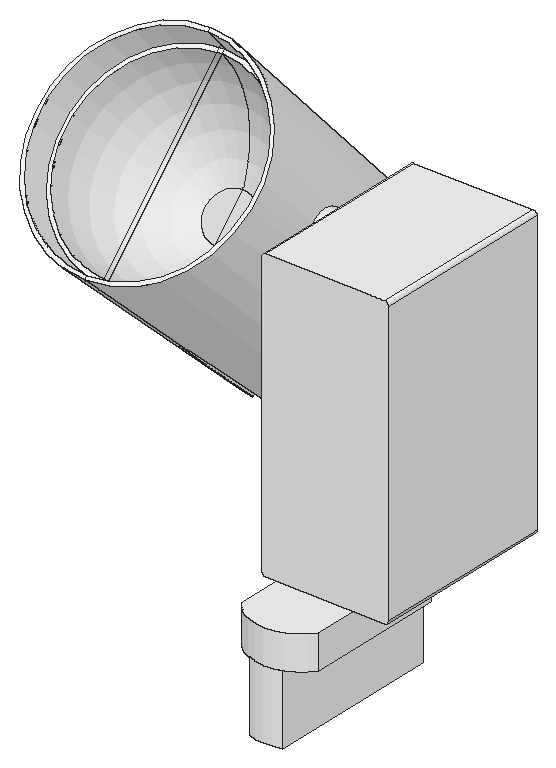
Revit family "0004925 Feilo Sylvania Lighting Fixture START TRACK SPOT S DALI 1944LM 930 MB WHT", category Lighting Fixtures, host Face, Revit 2017 (continued)
Definition of nested family "Start Track Spot Head"
  Types (96, lengths in mm): name | Wattage | built-in parameter 1150134 | Photometric Web File | Model | built-in parameter 1150105 | Lumens | built-in parameter 1150107 | built-in parameter 1150106 | HeadThickness_FEILO | HeadRibOffset_FEILO | HeadRibDepth_FEILO | HeadRibCutWidth_FEILO | HeadRibCutOffset_FEILO | HeadReflectorRadius_FEILO | HeadReflectorOffset_FEILO | HeadLEDRadius_FEILO | HeadHeight_FEILO | HeadDiffusorOffset_FEILO | HeadDiaOut_FEILO | HeadDiaIn_FEILO | HeadAxisFromTop_FEILO | Emit from Circle Diameter | built-in parameter 1150104 | Description | Apparent Load
    0004864 START TRACK SPOT S 24W 3K RA90 WB WHITE | 24 W | (empty or 0) | "0004864.ies" | "START TRACK SPOT S 24W 3K RA90 WB WHITE" | 152.79 (stored number, unit not read) | 1920 lm | 3000 (stored number, unit not read) | 1.5279 (stored number, unit not read) | 1.5 | 4.179 | 55.714 | 7.167 | 50.87 | 50.588 | 55.714 | 9.556 | 117 | 9.435 | 86 | 77.477 | 69.354 | 77.477 | 7.4322 (stored number, unit not read) | "Integrated LED spotlight, Textured White - RAL9016, compact and minimalist design, ideal for retail applications, die-cast aluminium body, passive cooling heatsink. Beam angle: 64°, color temperature: 3000K , total system power: 24W, total fixture output: 1928 lm, LOR: 100%, colour rendering: Ra: 90 typical, LED Chromaticity: 3 step MacAdam ellipse, lifetime: >50000 hours at L70B50, energy class: A++, A+, A, IR/UV free light source without heat radiation, operating voltage: 220-240V / 50-60Hz, drive current: 600mA, electronic driver, non-dimmable, power factor: 0.95, electrical protection: Class II, Global Track 3 Phase adapter suitable for Global trac 3-circuit tracks, ingress protection rating: IP20, suitable for internal environment only, horizontal rotation: 355°, vertical tilt: 90°, dimensions: Ø86x140x200, weight: 0.966kg." | 24 VA
    0004863 START TRACK SPOT S 24W 3K RA90 MB WHITE | 24 W | (empty or 0) | "0004863.ies" | "START TRACK SPOT S 24W 3K RA90 MB WHITE" | 154.7 (stored number, unit not read) | 1944 lm | 3000 (stored number, unit not read) | 1.547 (stored number, unit not read) | 1.5 | 4.179 | 55.714 | 7.167 | 50.87 | 50.588 | 55.714 | 9.556 | 117 | 9.435 | 86 | 77.477 | 69.354 | 77.477 | 7.5251 (stored number, unit not read) | "Integrated LED spotlight, Textured White - RAL9016, compact and minimalist design, ideal for retail applications, die-cast aluminium body, passive cooling heatsink. Beam angle: 36°, color temperature: 3000K , total system power: 24W, total fixture output: 1944 lm, LOR: 100%, colour rendering: Ra: 90 typical, LED Chromaticity: 3 step MacAdam ellipse, lifetime: >50000 hours at L70B50, energy class: A++, A+, A, IR/UV free light source without heat radiation, operating voltage: 220-240V / 50-60Hz, drive current: 600mA, electronic driver, non-dimmable, power factor: 0.95, electrical protection: Class II, Global Track 3 Phase adapter suitable for Global trac 3-circuit tracks, ingress protection rating: IP20, suitable for internal environment only, horizontal rotation: 355°, vertical tilt: 90°, dimensions: Ø86x140x200, weight: 0.966kg." | 24 VA
    0004862 START TRACK SPOT S 24W 3K RA90 NB WHITE | 24 W | (empty or 0) | "0004862.ies" | "START TRACK SPOT S 24W 3K RA90 NB WHITE" | 158.52 (stored number, unit not read) | 1992 lm | 3000 (stored number, unit not read) | 1.5852 (stored number, unit not read) | 1.5 | 4.179 | 55.714 | 7.167 | 50.87 | 50.588 | 55.714 | 9.556 | 117 | 9.435 | 86 | 77.477 | 69.354 | 77.477 | 7.711 (stored number, unit not read) | "Integrated LED spotlight, Textured White - RAL9016, compact and minimalist design, ideal for retail applications, die-cast aluminium body, passive cooling heatsink. Beam angle: 12°, color temperature: 3000K , total system power: 24W, total fixture output: 1987 lm, LOR: 100%, colour rendering: Ra: 90 typical, LED Chromaticity: 3 step MacAdam ellipse, lifetime: >50000 hours at L70B50, energy class: A++, A+, A, IR/UV free light source without heat radiation, operating voltage: 220-240V / 50-60Hz, drive current: 600mA, electronic driver, non-dimmable, power factor: 0.95, electrical protection: Class II, Global Track 3 Phase adapter suitable for Global trac 3-circuit tracks, ingress protection rating: IP20, suitable for internal environment only, horizontal rotation: 355°, vertical tilt: 90°, dimensions: Ø86x140x200, weight: 0.966kg." | 24 VA
    0004861 START TRACK SPOT S 14W 3K RA90 WB WHITE | 14 W | (empty or 0) | "0004861.ies" | "START TRACK SPOT S 14W 3K RA90 WB WHITE" | 100.27 (stored number, unit not read) | 1260 lm | 3000 (stored number, unit not read) | 1.0027 (stored number, unit not read) | 1.5 | 4.179 | 55.714 | 7.167 | 50.87 | 50.588 | 55.714 | 9.556 | 117 | 9.435 | 86 | 77.477 | 69.354 | 77.477 | 8.3613 (stored number, unit not read) | "Integrated LED spotlight, Textured White - RAL9016, compact and minimalist design, ideal for retail applications, die-cast aluminium body, passive cooling heatsink. Beam angle: 64°, color temperature: 3000K , total system power: 14W, total fixture output: 1262 lm, LOR: 100%, colour rendering: Ra: 90 typical, LED Chromaticity: 3 step MacAdam ellipse, lifetime: >50000 hours at L70B50, energy class: A++, A+, A, IR/UV free light source without heat radiation, operating voltage: 220-240V / 50-60Hz, drive current: 350mA, electronic driver, non-dimmable, power factor: 0.92, electrical protection: Class II, Global Track 3 Phase adapter suitable for Global trac 3-circuit tracks, ingress protection rating: IP20, suitable for internal environment only, horizontal rotation: 355°, vertical tilt: 90°, dimensions: Ø86x140x200, weight: 0.940kg." | 14 VA
    0004860 START TRACK SPOT S 14W 3K RA90 MB WHITE | 14 W | (empty or 0) | "0004860.ies" | "START TRACK SPOT S 14W 3K RA90 MB WHITE" | 100.27 (stored number, unit not read) | 1260 lm | 3000 (stored number, unit not read) | 1.0027 (stored number, unit not read) | 1.5 | 4.179 | 55.714 | 7.167 | 50.87 | 50.588 | 55.714 | 9.556 | 117 | 9.435 | 86 | 77.477 | 69.354 | 77.477 | 8.3613 (stored number, unit not read) | "Integrated LED spotlight, Textured White - RAL9016, compact and minimalist design, ideal for retail applications, die-cast aluminium body, passive cooling heatsink. Beam angle: 36°, color temperature: 3000K , total system power: 14W, total fixture output: 1262 lm, LOR: 100%, colour rendering: Ra: 90 typical, LED Chromaticity: 3 step MacAdam ellipse, lifetime: >50000 hours at L70B50, energy class: A++, A+, A, IR/UV free light source without heat radiation, operating voltage: 220-240V / 50-60Hz, drive current: 350mA, electronic driver, non-dimmable, power factor: 0.92, electrical protection: Class II, Global Track 3 Phase adapter suitable for Global trac 3-circuit tracks, ingress protection rating: IP20, suitable for internal environment only, horizontal rotation: 355°, vertical tilt: 90°, dimensions: Ø86x140x200, weight: 0.940kg." | 14 VA
    0004859 START TRACK SPOT S 14W 3K RA90 NB WHITE | 14 W | (empty or 0) | "0004859.ies" | "START TRACK SPOT S 14W 3K RA90 NB WHITE" | 102.5 (stored number, unit not read) | 1288 lm | 3000 (stored number, unit not read) | 1.025 (stored number, unit not read) | 1.5 | 4.179 | 55.714 | 7.167 | 50.87 | 50.588 | 55.714 | 9.556 | 117 | 9.435 | 86 | 77.477 | 69.354 | 77.477 | 8.5471 (stored number, unit not read) | "Integrated LED spotlight, Textured White - RAL9016, compact and minimalist design, ideal for retail applications, die-cast aluminium body, passive cooling heatsink. Beam angle: 12°, color temperature: 3000K , total system power: 14W, total fixture output: 1284 lm, LOR: 100%, colour rendering: Ra: 90 typical, LED Chromaticity: 3 step MacAdam ellipse, lifetime: >50000 hours at L70B50, energy class: A++, A+, A, IR/UV free light source without heat radiation, operating voltage: 220-240V / 50-60Hz, drive current: 350mA, electronic driver, non-dimmable, power factor: 0.92, electrical protection: Class II, Global Track 3 Phase adapter suitable for Global trac 3-circuit tracks, ingress protection rating: IP20, suitable for internal environment only, horizontal rotation: 355°, vertical tilt: 90°, dimensions: Ø86x140x200, weight: 0.940kg." | 14 VA
    0004858 START TRACK SPOT L 55W 4K RA80 WB BLACK | 55 W | 12 | "0004858.ies" | "START TRACK SPOT L 55W 4K RA80 WB BLACK" | 424.55 (stored number, unit not read) | 5335 lm | 4000 (stored number, unit not read) | 4.2455 (stored number, unit not read) | 2 | 4.429 | 59.048 | 9.417 | 53.913 | 66.471 | 59.048 | 12.556 | 124 | 10 | 113 | 101.802 | 73.503 | 101.802 | 9.0116 (stored number, unit not read) | "Integrated LED spotlight, Textured Black - RAL9005, compact and minimalist design, ideal for retail applications, die-cast aluminium body, passive cooling heatsink. Beam angle: 52°, color temperature: 4000K , total system power: 55W, total fixture output: 5320 lm, LOR: 100%, colour rendering: Ra: 80 typical, LED Chromaticity: 3 step MacAdam ellipse, lifetime: >50000 hours at L70B50, energy class: A++, A+, A, IR/UV free light source without heat radiation, operating voltage: 220-240V / 50-60Hz, drive current: 1400mA, electronic driver, non-dimmable, power factor: 0.96, electrical protection: Class II, Global Track 3 Phase adapter suitable for Global trac 3-circuit tracks, ingress protection rating: IP20, suitable for internal environment only, horizontal rotation: 355°, vertical tilt: 90°, dimensions: Ø113x164x240, weight: 1.398kg." | 55 VA
    0004857 START TRACK SPOT L 55W 4K RA80 MB BLACK | 55 W | 12 | "0004857.ies" | "START TRACK SPOT L 55W 4K RA80 MB BLACK" | 428.92 (stored number, unit not read) | 5390 lm | 4000 (stored number, unit not read) | 4.2892 (stored number, unit not read) | 2 | 4.429 | 59.048 | 9.417 | 53.913 | 66.471 | 59.048 | 12.556 | 124 | 10 | 113 | 101.802 | 73.503 | 101.802 | 9.1045 (stored number, unit not read) | "Integrated LED spotlight, Textured Black - RAL9005, compact and minimalist design, ideal for retail applications, die-cast aluminium body, passive cooling heatsink. Beam angle: 38°, color temperature: 4000K , total system power: 55W, total fixture output: 5378 lm, LOR: 100%, colour rendering: Ra: 80 typical, LED Chromaticity: 3 step MacAdam ellipse, lifetime: >50000 hours at L70B50, energy class: A++, A+, A, IR/UV free light source without heat radiation, operating voltage: 220-240V / 50-60Hz, drive current: 1400mA, electronic driver, non-dimmable, power factor: 0.96, electrical protection: Class II, Global Track 3 Phase adapter suitable for Global trac 3-circuit tracks, ingress protection rating: IP20, suitable for internal environment only, horizontal rotation: 355°, vertical tilt: 90°, dimensions: Ø113x164x240, weight: 1.398kg." | 55 VA
    0004856 START TRACK SPOT L 55W 4K RA80 NB BLACK | 55 W | 12 | "0004856.ies" | "START TRACK SPOT L 55W 4K RA80 NB BLACK" | 433.3 (stored number, unit not read) | 5445 lm | 4000 (stored number, unit not read) | 4.333 (stored number, unit not read) | 2 | 4.429 | 59.048 | 9.417 | 53.913 | 66.471 | 59.048 | 12.556 | 124 | 10 | 113 | 101.802 | 73.503 | 101.802 | 9.1974 (stored number, unit not read) | "Integrated LED spotlight, Textured Black - RAL9005, compact and minimalist design, ideal for retail applications, die-cast aluminium body, passive cooling heatsink. Beam angle: 15°, color temperature: 4000K , total system power: 55W, total fixture output: 5426 lm, LOR: 100%, colour rendering: Ra: 80 typical, LED Chromaticity: 3 step MacAdam ellipse, lifetime: >50000 hours at L70B50, energy class: A++, A+, A, IR/UV free light source without heat radiation, operating voltage: 220-240V / 50-60Hz, drive current: 1400mA, electronic driver, non-dimmable, power factor: 0.96, electrical protection: Class II, Global Track 3 Phase adapter suitable for Global trac 3-circuit tracks, ingress protection rating: IP20, suitable for internal environment only, horizontal rotation: 355°, vertical tilt: 90°, dimensions: Ø113x164x240, weight: 1.398kg." | 55 VA
    0004855 START TRACK SPOT L 35W 4K RA80 WB BLACK | 35 W | 12 | "0004855.ies" | "START TRACK SPOT L 35W 4K RA80 WB BLACK" | 320.3 (stored number, unit not read) | 4025 lm | 4000 (stored number, unit not read) | 3.203 (stored number, unit not read) | 2 | 4.429 | 59.048 | 9.417 | 53.913 | 66.471 | 59.048 | 12.556 | 124 | 10 | 113 | 101.802 | 73.503 | 101.802 | 10.684 (stored number, unit not read) | "Integrated LED spotlight, Textured Black - RAL9005, compact and minimalist design, ideal for retail applications, die-cast aluminium body, passive cooling heatsink. Beam angle: 52°, color temperature: 4000K , total system power: 35W, total fixture output: 4010 lm, LOR: 100%, colour rendering: Ra: 80 typical, LED Chromaticity: 3 step MacAdam ellipse, lifetime: >50000 hours at L70B50, energy class: A++, A+, A, IR/UV free light source without heat radiation, operating voltage: 220-240V / 50-60Hz, drive current: 900mA, electronic driver, non-dimmable, power factor: 0.93, electrical protection: Class II, Global Track 3 Phase adapter suitable for Global trac 3-circuit tracks, ingress protection rating: IP20, suitable for internal environment only, horizontal rotation: 355°, vertical tilt: 90°, dimensions: Ø113x164x240, weight: 1.368kg." | 35 VA
    0004854 START TRACK SPOT L 35W 4K RA80 MB BLACK | 35 W | 12 | "0004854.ies" | "START TRACK SPOT L 35W 4K RA80 MB BLACK" | 320.3 (stored number, unit not read) | 4025 lm | 4000 (stored number, unit not read) | 3.203 (stored number, unit not read) | 2 | 4.429 | 59.048 | 9.417 | 53.913 | 66.471 | 59.048 | 12.556 | 124 | 10 | 113 | 101.802 | 73.503 | 101.802 | 10.684 (stored number, unit not read) | "Integrated LED spotlight, Textured Black - RAL9005, compact and minimalist design, ideal for retail applications, die-cast aluminium body, passive cooling heatsink. Beam angle: 38°, color temperature: 4000K , total system power: 35W, total fixture output: 4017 lm, LOR: 100%, colour rendering: Ra: 80 typical, LED Chromaticity: 3 step MacAdam ellipse, lifetime: >50000 hours at L70B50, energy class: A++, A+, A, IR/UV free light source without heat radiation, operating voltage: 220-240V / 50-60Hz, drive current: 900mA, electronic driver, non-dimmable, power factor: 0.93, electrical protection: Class II, Global Track 3 Phase adapter suitable for Global trac 3-circuit tracks, ingress protection rating: IP20, suitable for internal environment only, horizontal rotation: 355°, vertical tilt: 90°, dimensions: Ø113x164x240, weight: 1.368kg." | 35 VA
    0004853 START TRACK SPOT L 35W 4K RA80 NB BLACK | 35 W | 12 | "0004853.ies" | "START TRACK SPOT L 35W 4K RA80 NB BLACK" | 331.44 (stored number, unit not read) | 4165 lm | 4000 (stored number, unit not read) | 3.3144 (stored number, unit not read) | 2 | 4.429 | 59.048 | 9.417 | 53.913 | 66.471 | 59.048 | 12.556 | 124 | 10 | 113 | 101.802 | 73.503 | 101.802 | 11.055 (stored number, unit not read) | "Integrated LED spotlight, Textured Black - RAL9005, compact and minimalist design, ideal for retail applications, die-cast aluminium body, passive cooling heatsink. Beam angle: 15°, color temperature: 4000K , total system power: 35W, total fixture output: 4174 lm, LOR: 100%, colour rendering: Ra: 80 typical, LED Chromaticity: 3 step MacAdam ellipse, lifetime: >50000 hours at L70B50, energy class: A++, A+, A, IR/UV free light source without heat radiation, operating voltage: 220-240V / 50-60Hz, drive current: 900mA, electronic driver, non-dimmable, power factor: 0.93, electrical protection: Class II, Global Track 3 Phase adapter suitable for Global trac 3-circuit tracks, ingress protection rating: IP20, suitable for internal environment only, horizontal rotation: 355°, vertical tilt: 90°, dimensions: Ø113x164x240, weight: 1.368kg." | 35 VA
    0004852 START TRACK SPOT S 24W 4K RA80 WB BLACK | 24 W | 12 | "0004852.ies" | "START TRACK SPOT S 24W 4K RA80 WB BLACK" | 196.72 (stored number, unit not read) | 2472 lm | 4000 (stored number, unit not read) | 1.9672 (stored number, unit not read) | 1.5 | 4.179 | 55.714 | 7.167 | 50.87 | 50.588 | 55.714 | 9.556 | 117 | 9.435 | 86 | 77.477 | 69.354 | 77.477 | 9.569 (stored number, unit not read) | "Integrated LED spotlight, Textured Black - RAL9005, compact and minimalist design, ideal for retail applications, die-cast aluminium body, passive cooling heatsink. Beam angle: 64°, color temperature: 4000K , total system power: 24W, total fixture output: 2476 lm, LOR: 100%, colour rendering: Ra: 80 typical, LED Chromaticity: 3 step MacAdam ellipse, lifetime: >50000 hours at L70B50, energy class: A++, A+, A, IR/UV free light source without heat radiation, operating voltage: 220-240V / 50-60Hz, drive current: 600mA, electronic driver, non-dimmable, power factor: 0.95, electrical protection: Class II, Global Track 3 Phase adapter suitable for Global trac 3-circuit tracks, ingress protection rating: IP20, suitable for internal environment only, horizontal rotation: 355°, vertical tilt: 90°, dimensions: Ø86x140x200, weight: 0.966kg." | 24 VA
    0004851 START TRACK SPOT S 24W 4K RA80 MB BLACK | 24 W | 12 | "0004851.ies" | "START TRACK SPOT S 24W 4K RA80 MB BLACK" | 198.63 (stored number, unit not read) | 2496 lm | 4000 (stored number, unit not read) | 1.9863 (stored number, unit not read) | 1.5 | 4.179 | 55.714 | 7.167 | 50.87 | 50.588 | 55.714 | 9.556 | 117 | 9.435 | 86 | 77.477 | 69.354 | 77.477 | 9.6619 (stored number, unit not read) | "Integrated LED spotlight, Textured Black - RAL9005, compact and minimalist design, ideal for retail applications, die-cast aluminium body, passive cooling heatsink. Beam angle: 36°, color temperature: 4000K , total system power: 24W, total fixture output: 2487 lm, LOR: 100%, colour rendering: Ra: 80 typical, LED Chromaticity: 3 step MacAdam ellipse, lifetime: >50000 hours at L70B50, energy class: A++, A+, A, IR/UV free light source without heat radiation, operating voltage: 220-240V / 50-60Hz, drive current: 600mA, electronic driver, non-dimmable, power factor: 0.95, electrical protection: Class II, Global Track 3 Phase adapter suitable for Global trac 3-circuit tracks, ingress protection rating: IP20, suitable for internal environment only, horizontal rotation: 355°, vertical tilt: 90°, dimensions: Ø86x140x200, weight: 0.966kg." | 24 VA
    0004850 START TRACK SPOT S 24W 4K RA80 NB BLACK | 24 W | 12 | "0004850.ies" | "START TRACK SPOT S 24W 4K RA80 NB BLACK" | 200.54 (stored number, unit not read) | 2520 lm | 4000 (stored number, unit not read) | 2.0054 (stored number, unit not read) | 1.5 | 4.179 | 55.714 | 7.167 | 50.87 | 50.588 | 55.714 | 9.556 | 117 | 9.435 | 86 | 77.477 | 69.354 | 77.477 | 9.7548 (stored number, unit not read) | "Integrated LED spotlight, Textured Black - RAL9005, compact and minimalist design, ideal for retail applications, die-cast aluminium body, passive cooling heatsink. Beam angle: 12°, color temperature: 4000K , total system power: 24W, total fixture output: 2529 lm, LOR: 100%, colour rendering: Ra: 80 typical, LED Chromaticity: 3 step MacAdam ellipse, lifetime: >50000 hours at L70B50, energy class: A++, A+, A, IR/UV free light source without heat radiation, operating voltage: 220-240V / 50-60Hz, drive current: 600mA, electronic driver, non-dimmable, power factor: 0.95, electrical protection: Class II, Global Track 3 Phase adapter suitable for Global trac 3-circuit tracks, ingress protection rating: IP20, suitable for internal environment only, horizontal rotation: 355°, vertical tilt: 90°, dimensions: Ø86x140x200, weight: 0.966kg." | 24 VA
    0004849 START TRACK SPOT S 14W 4K RA80 WB BLACK | 14 W | 12 | "0004849.ies" | "START TRACK SPOT S 14W 4K RA80 WB BLACK" | 123.66 (stored number, unit not read) | 1554 lm | 4000 (stored number, unit not read) | 1.2366 (stored number, unit not read) | 1.5 | 4.179 | 55.714 | 7.167 | 50.87 | 50.588 | 55.714 | 9.556 | 117 | 9.435 | 86 | 77.477 | 69.354 | 77.477 | 10.312 (stored number, unit not read) | "Integrated LED spotlight, Textured Black - RAL9005, compact and minimalist design, ideal for retail applications, die-cast aluminium body, passive cooling heatsink. Beam angle: 64°, color temperature: 4000K , total system power: 14W, total fixture output: 1558 lm, LOR: 100%, colour rendering: Ra: 80 typical, LED Chromaticity: 3 step MacAdam ellipse, lifetime: >50000 hours at L70B50, energy class: A++, A+, A, IR/UV free light source without heat radiation, operating voltage: 220-240V / 50-60Hz, drive current: 350mA, electronic driver, non-dimmable, power factor: 0.92, electrical protection: Class II, Global Track 3 Phase adapter suitable for Global trac 3-circuit tracks, ingress protection rating: IP20, suitable for internal environment only, horizontal rotation: 355°, vertical tilt: 90°, dimensions: Ø86x140x200, weight: 0.940kg." | 14 VA
    0004848 START TRACK SPOT S 14W 4K RA80 MB BLACK | 14 W | 12 | "0004848.ies" | "START TRACK SPOT S 14W 4K RA80 MB BLACK" | 127.01 (stored number, unit not read) | 1596 lm | 4000 (stored number, unit not read) | 1.2701 (stored number, unit not read) | 1.5 | 4.179 | 55.714 | 7.167 | 50.87 | 50.588 | 55.714 | 9.556 | 117 | 9.435 | 86 | 77.477 | 69.354 | 77.477 | 10.591 (stored number, unit not read) | "Integrated LED spotlight, Textured Black - RAL9005, compact and minimalist design, ideal for retail applications, die-cast aluminium body, passive cooling heatsink. Beam angle: 36°, color temperature: 4000K , total system power: 14W, total fixture output: 1598 lm, LOR: 100%, colour rendering: Ra: 80 typical, LED Chromaticity: 3 step MacAdam ellipse, lifetime: >50000 hours at L70B50, energy class: A++, A+, A, IR/UV free light source without heat radiation, operating voltage: 220-240V / 50-60Hz, drive current: 350mA, electronic driver, non-dimmable, power factor: 0.92, electrical protection: Class II, Global Track 3 Phase adapter suitable for Global trac 3-circuit tracks, ingress protection rating: IP20, suitable for internal environment only, horizontal rotation: 355°, vertical tilt: 90°, dimensions: Ø86x140x200, weight: 0.940kg." | 14 VA
    0004847 START TRACK SPOT S 14W 4K RA80 NB BLACK | 14 W | 12 | "0004847.ies" | "START TRACK SPOT S 14W 4K RA80 NB BLACK" | 128.12 (stored number, unit not read) | 1610 lm | 4000 (stored number, unit not read) | 1.2812 (stored number, unit not read) | 1.5 | 4.179 | 55.714 | 7.167 | 50.87 | 50.588 | 55.714 | 9.556 | 117 | 9.435 | 86 | 77.477 | 69.354 | 77.477 | 10.684 (stored number, unit not read) | "Integrated LED spotlight, Textured Black - RAL9005, compact and minimalist design, ideal for retail applications, die-cast aluminium body, passive cooling heatsink. Beam angle: 12°, color temperature: 4000K , total system power: 14W, total fixture output: 1608 lm, LOR: 100%, colour rendering: Ra: 80 typical, LED Chromaticity: 3 step MacAdam ellipse, lifetime: >50000 hours at L70B50, energy class: A++, A+, A, IR/UV free light source without heat radiation, operating voltage: 220-240V / 50-60Hz, drive current: 350mA, electronic driver, non-dimmable, power factor: 0.92, electrical protection: Class II, Global Track 3 Phase adapter suitable for Global trac 3-circuit tracks, ingress protection rating: IP20, suitable for internal environment only, horizontal rotation: 355°, vertical tilt: 90°, dimensions: Ø86x140x200, weight: 0.940kg." | 14 VA
    0004846 START TRACK SPOT L 55W 3K RA80 WB BLACK | 55 W | (empty or 0) | "0004846.ies" | "START TRACK SPOT L 55W 3K RA80 WB BLACK" | 420.17 (stored number, unit not read) | 5280 lm | 3000 (stored number, unit not read) | 4.2017 (stored number, unit not read) | 2 | 4.429 | 59.048 | 9.417 | 53.913 | 66.471 | 59.048 | 12.556 | 124 | 10 | 113 | 101.802 | 73.503 | 101.802 | 8.9187 (stored number, unit not read) | "Integrated LED spotlight, Textured Black - RAL9005, compact and minimalist design, ideal for retail applications, die-cast aluminium body, passive cooling heatsink. Beam angle: 52°, color temperature: 3000K , total system power: 55W, total fixture output: 5298 lm, LOR: 100%, colour rendering: Ra: 80 typical, LED Chromaticity: 3 step MacAdam ellipse, lifetime: >50000 hours at L70B50, energy class: A++, A+, A, IR/UV free light source without heat radiation, operating voltage: 220-240V / 50-60Hz, drive current: 1400mA, electronic driver, non-dimmable, power factor: 0.96, electrical protection: Class II, Global Track 3 Phase adapter suitable for Global trac 3-circuit tracks, ingress protection rating: IP20, suitable for internal environment only, horizontal rotation: 355°, vertical tilt: 90°, dimensions: Ø113x164x240, weight: 1.398kg." | 55 VA
    0004845 START TRACK SPOT L 55W 3K RA80 MB BLACK | 55 W | (empty or 0) | "0004845.ies" | "START TRACK SPOT L 55W 3K RA80 MB BLACK" | 428.92 (stored number, unit not read) | 5390 lm | 3000 (stored number, unit not read) | 4.2892 (stored number, unit not read) | 2 | 4.429 | 59.048 | 9.417 | 53.913 | 66.471 | 59.048 | 12.556 | 124 | 10 | 113 | 101.802 | 73.503 | 101.802 | 9.1045 (stored number, unit not read) | "Integrated LED spotlight, Textured Black - RAL9005, compact and minimalist design, ideal for retail applications, die-cast aluminium body, passive cooling heatsink. Beam angle: 38°, color temperature: 3000K , total system power: 55W, total fixture output: 5381 lm, LOR: 100%, colour rendering: Ra: 80 typical, LED Chromaticity: 3 step MacAdam ellipse, lifetime: >50000 hours at L70B50, energy class: A++, A+, A, IR/UV free light source without heat radiation, operating voltage: 220-240V / 50-60Hz, drive current: 1400mA, electronic driver, non-dimmable, power factor: 0.96, electrical protection: Class II, Global Track 3 Phase adapter suitable for Global trac 3-circuit tracks, ingress protection rating: IP20, suitable for internal environment only, horizontal rotation: 355°, vertical tilt: 90°, dimensions: Ø113x164x240, weight: 1.398kg." | 55 VA
    0004844 START TRACK SPOT L 55W 3K RA80 NB BLACK | 55 W | (empty or 0) | "0004844.ies" | "START TRACK SPOT L 55W 3K RA80 NB BLACK" | 433.3 (stored number, unit not read) | 5445 lm | 3000 (stored number, unit not read) | 4.333 (stored number, unit not read) | 2 | 4.429 | 59.048 | 9.417 | 53.913 | 66.471 | 59.048 | 12.556 | 124 | 10 | 113 | 101.802 | 73.503 | 101.802 | 9.1974 (stored number, unit not read) | "Integrated LED spotlight, Textured Black - RAL9005, compact and minimalist design, ideal for retail applications, die-cast aluminium body, passive cooling heatsink. Beam angle: 15°, color temperature: 3000K , total system power: 55W, total fixture output: 5449 lm, LOR: 100%, colour rendering: Ra: 80 typical, LED Chromaticity: 3 step MacAdam ellipse, lifetime: >50000 hours at L70B50, energy class: A++, A+, A, IR/UV free light source without heat radiation, operating voltage: 220-240V / 50-60Hz, drive current: 1400mA, electronic driver, non-dimmable, power factor: 0.96, electrical protection: Class II, Global Track 3 Phase adapter suitable for Global trac 3-circuit tracks, ingress protection rating: IP20, suitable for internal environment only, horizontal rotation: 355°, vertical tilt: 90°, dimensions: Ø113x164x240, weight: 1.398kg." | 55 VA
    0004843 START TRACK SPOT L 35W 3K RA80 WB BLACK | 35 W | (empty or 0) | "0004843.ies" | "START TRACK SPOT L 35W 3K RA80 WB BLACK" | 314.73 (stored number, unit not read) | 3955 lm | 3000 (stored number, unit not read) | 3.1473 (stored number, unit not read) | 2 | 4.429 | 59.048 | 9.417 | 53.913 | 66.471 | 59.048 | 12.556 | 124 | 10 | 113 | 101.802 | 73.503 | 101.802 | 10.498 (stored number, unit not read) | "Integrated LED spotlight, Textured Black - RAL9005, compact and minimalist design, ideal for retail applications, die-cast aluminium body, passive cooling heatsink. Beam angle: 52°, color temperature: 3000K , total system power: 35W, total fixture output: 3943 lm, LOR: 100%, colour rendering: Ra: 80 typical, LED Chromaticity: 3 step MacAdam ellipse, lifetime: >50000 hours at L70B50, energy class: A++, A+, A, IR/UV free light source without heat radiation, operating voltage: 220-240V / 50-60Hz, drive current: 900mA, electronic driver, non-dimmable, power factor: 0.93, electrical protection: Class II, Global Track 3 Phase adapter suitable for Global trac 3-circuit tracks, ingress protection rating: IP20, suitable for internal environment only, horizontal rotation: 355°, vertical tilt: 90°, dimensions: Ø113x164x240, weight: 1.368kg." | 35 VA
    0004842 START TRACK SPOT L 35W 3K RA80 MB BLACK | 35 W | (empty or 0) | "0004842.ies" | "START TRACK SPOT L 35W 3K RA80 MB BLACK" | 320.3 (stored number, unit not read) | 4025 lm | 3000 (stored number, unit not read) | 3.203 (stored number, unit not read) | 2 | 4.429 | 59.048 | 9.417 | 53.913 | 66.471 | 59.048 | 12.556 | 124 | 10 | 113 | 101.802 | 73.503 | 101.802 | 10.684 (stored number, unit not read) | "Integrated LED spotlight, Textured Black - RAL9005, compact and minimalist design, ideal for retail applications, die-cast aluminium body, passive cooling heatsink. Beam angle: 38°, color temperature: 3000K , total system power: 35W, total fixture output: 4008 lm, LOR: 100%, colour rendering: Ra: 80 typical, LED Chromaticity: 3 step MacAdam ellipse, lifetime: >50000 hours at L70B50, energy class: A++, A+, A, IR/UV free light source without heat radiation, operating voltage: 220-240V / 50-60Hz, drive current: 900mA, electronic driver, non-dimmable, power factor: 0.93, electrical protection: Class II, Global Track 3 Phase adapter suitable for Global trac 3-circuit tracks, ingress protection rating: IP20, suitable for internal environment only, horizontal rotation: 355°, vertical tilt: 90°, dimensions: Ø113x164x240, weight: 1.368kg." | 35 VA
    0004841 START TRACK SPOT L 35W 3K RA80 NB BLACK | 35 W | (empty or 0) | "0004841.ies" | "START TRACK SPOT L 35W 3K RA80 NB BLACK" | 317.51 (stored number, unit not read) | 3990 lm | 3000 (stored number, unit not read) | 3.1751 (stored number, unit not read) | 2 | 4.429 | 59.048 | 9.417 | 53.913 | 66.471 | 59.048 | 12.556 | 124 | 10 | 113 | 101.802 | 73.503 | 101.802 | 10.591 (stored number, unit not read) | "Integrated LED spotlight, Textured Black - RAL9005, compact and minimalist design, ideal for retail applications, die-cast aluminium body, passive cooling heatsink. Beam angle: 15°, color temperature: 3000K , total system power: 35W, total fixture output: 4005 lm, LOR: 100%, colour rendering: Ra: 80 typical, LED Chromaticity: 3 step MacAdam ellipse, lifetime: >50000 hours at L70B50, energy class: A++, A+, A, IR/UV free light source without heat radiation, operating voltage: 220-240V / 50-60Hz, drive current: 900mA, electronic driver, non-dimmable, power factor: 0.93, electrical protection: Class II, Global Track 3 Phase adapter suitable for Global trac 3-circuit tracks, ingress protection rating: IP20, suitable for internal environment only, horizontal rotation: 355°, vertical tilt: 90°, dimensions: Ø113x164x240, weight: 1.368kg." | 35 VA
    0004840 START TRACK SPOT S 24W 3K RA80 WB BLACK | 24 W | (empty or 0) | "0004840.ies" | "START TRACK SPOT S 24W 3K RA80 WB BLACK" | 185.26 (stored number, unit not read) | 2328 lm | 3000 (stored number, unit not read) | 1.8526 (stored number, unit not read) | 1.5 | 4.179 | 55.714 | 7.167 | 50.87 | 50.588 | 55.714 | 9.556 | 117 | 9.435 | 86 | 77.477 | 69.354 | 77.477 | 9.0116 (stored number, unit not read) | "Integrated LED spotlight, Textured Black - RAL9005, compact and minimalist design, ideal for retail applications, die-cast aluminium body, passive cooling heatsink. Beam angle: 64°, color temperature: 3000K , total system power: 24W, total fixture output: 2318 lm, LOR: 100%, colour rendering: Ra: 80 typical, LED Chromaticity: 3 step MacAdam ellipse, lifetime: >50000 hours at L70B50, energy class: A++, A+, A, IR/UV free light source without heat radiation, operating voltage: 220-240V / 50-60Hz, drive current: 600mA, electronic driver, non-dimmable, power factor: 0.95, electrical protection: Class II, Global Track 3 Phase adapter suitable for Global trac 3-circuit tracks, ingress protection rating: IP20, suitable for internal environment only, horizontal rotation: 355°, vertical tilt: 90°, dimensions: Ø86x140x200, weight: 0.966kg." | 24 VA
    0004839 START TRACK SPOT S 24W 3K RA80 MB BLACK | 24 W | (empty or 0) | "0004839.ies" | "START TRACK SPOT S 24W 3K RA80 MB BLACK" | 183.35 (stored number, unit not read) | 2304 lm | 3000 (stored number, unit not read) | 1.8335 (stored number, unit not read) | 1.5 | 4.179 | 55.714 | 7.167 | 50.87 | 50.588 | 55.714 | 9.556 | 117 | 9.435 | 86 | 77.477 | 69.354 | 77.477 | 8.9187 (stored number, unit not read) | "Integrated LED spotlight, Textured Black - RAL9005, compact and minimalist design, ideal for retail applications, die-cast aluminium body, passive cooling heatsink. Beam angle: 36°, color temperature: 3000K , total system power: 24W, total fixture output: 2314 lm, LOR: 100%, colour rendering: Ra: 80 typical, LED Chromaticity: 3 step MacAdam ellipse, lifetime: >50000 hours at L70B50, energy class: A++, A+, A, IR/UV free light source without heat radiation, operating voltage: 220-240V / 50-60Hz, drive current: 600mA, electronic driver, non-dimmable, power factor: 0.95, electrical protection: Class II, Global Track 3 Phase adapter suitable for Global trac 3-circuit tracks, ingress protection rating: IP20, suitable for internal environment only, horizontal rotation: 355°, vertical tilt: 90°, dimensions: Ø86x140x200, weight: 0.966kg." | 24 VA
    0004838 START TRACK SPOT S 24W 3K RA80 NB BLACK | 24 W | (empty or 0) | "0004838.ies" | "START TRACK SPOT S 24W 3K RA80 NB BLACK" | 185.26 (stored number, unit not read) | 2328 lm | 3000 (stored number, unit not read) | 1.8526 (stored number, unit not read) | 1.5 | 4.179 | 55.714 | 7.167 | 50.87 | 50.588 | 55.714 | 9.556 | 117 | 9.435 | 86 | 77.477 | 69.354 | 77.477 | 9.0116 (stored number, unit not read) | "Integrated LED spotlight, Textured Black - RAL9005, compact and minimalist design, ideal for retail applications, die-cast aluminium body, passive cooling heatsink. Beam angle: 12°, color temperature: 3000K , total system power: 24W, total fixture output: 2334 lm, LOR: 100%, colour rendering: Ra: 80 typical, LED Chromaticity: 3 step MacAdam ellipse, lifetime: >50000 hours at L70B50, energy class: A++, A+, A, IR/UV free light source without heat radiation, operating voltage: 220-240V / 50-60Hz, drive current: 600mA, electronic driver, non-dimmable, power factor: 0.95, electrical protection: Class II, Global Track 3 Phase adapter suitable for Global trac 3-circuit tracks, ingress protection rating: IP20, suitable for internal environment only, horizontal rotation: 355°, vertical tilt: 90°, dimensions: Ø86x140x200, weight: 0.966kg." | 24 VA
    0004837 START TRACK SPOT S 14W 3K RA80 WB BLACK | 14 W | (empty or 0) | "0004837.ies" | "START TRACK SPOT S 14W 3K RA80 WB BLACK" | 119.21 (stored number, unit not read) | 1498 lm | 3000 (stored number, unit not read) | 1.1921 (stored number, unit not read) | 1.5 | 4.179 | 55.714 | 7.167 | 50.87 | 50.588 | 55.714 | 9.556 | 117 | 9.435 | 86 | 77.477 | 69.354 | 77.477 | 9.9406 (stored number, unit not read) | "Integrated LED spotlight, Textured Black - RAL9005, compact and minimalist design, ideal for retail applications, die-cast aluminium body, passive cooling heatsink. Beam angle: 64°, color temperature: 3000K , total system power: 14W, total fixture output: 1498 lm, LOR: 100%, colour rendering: Ra: 80 typical, LED Chromaticity: 3 step MacAdam ellipse, lifetime: >50000 hours at L70B50, energy class: A++, A+, A, IR/UV free light source without heat radiation, operating voltage: 220-240V / 50-60Hz, drive current: 350mA, electronic driver, non-dimmable, power factor: 0.92, electrical protection: Class II, Global Track 3 Phase adapter suitable for Global trac 3-circuit tracks, ingress protection rating: IP20, suitable for internal environment only, horizontal rotation: 355°, vertical tilt: 90°, dimensions: Ø86x140x200, weight: 0.940kg." | 14 VA
    0004836 START TRACK SPOT S 14W 3K RA80 MB BLACK | 14 W | (empty or 0) | "0004836.ies" | "START TRACK SPOT S 14W 3K RA80 MB BLACK" | 120.32 (stored number, unit not read) | 1512 lm | 3000 (stored number, unit not read) | 1.2032 (stored number, unit not read) | 1.5 | 4.179 | 55.714 | 7.167 | 50.87 | 50.588 | 55.714 | 9.556 | 117 | 9.435 | 86 | 77.477 | 69.354 | 77.477 | 10.034 (stored number, unit not read) | "Integrated LED spotlight, Textured Black - RAL9005, compact and minimalist design, ideal for retail applications, die-cast aluminium body, passive cooling heatsink. Beam angle: 36°, color temperature: 3000K , total system power: 14W, total fixture output: 1508 lm, LOR: 100%, colour rendering: Ra: 80 typical, LED Chromaticity: 3 step MacAdam ellipse, lifetime: >50000 hours at L70B50, energy class: A++, A+, A, IR/UV free light source without heat radiation, operating voltage: 220-240V / 50-60Hz, drive current: 350mA, electronic driver, non-dimmable, power factor: 0.92, electrical protection: Class II, Global Track 3 Phase adapter suitable for Global trac 3-circuit tracks, ingress protection rating: IP20, suitable for internal environment only, horizontal rotation: 355°, vertical tilt: 90°, dimensions: Ø86x140x200, weight: 0.940kg." | 14 VA
    0004835 START TRACK SPOT S 14W 3K RA80 NB BLACK | 14 W | (empty or 0) | "0004835.ies" | "START TRACK SPOT S 14W 3K RA80 NB BLACK" | 123.66 (stored number, unit not read) | 1554 lm | 3000 (stored number, unit not read) | 1.2366 (stored number, unit not read) | 1.5 | 4.179 | 55.714 | 7.167 | 50.87 | 50.588 | 55.714 | 9.556 | 117 | 9.435 | 86 | 77.477 | 69.354 | 77.477 | 10.312 (stored number, unit not read) | "Integrated LED spotlight, Textured Black - RAL9005, compact and minimalist design, ideal for retail applications, die-cast aluminium body, passive cooling heatsink. Beam angle: 12°, color temperature: 3000K , total system power: 14W, total fixture output: 1551 lm, LOR: 100%, colour rendering: Ra: 80 typical, LED Chromaticity: 3 step MacAdam ellipse, lifetime: >50000 hours at L70B50, energy class: A++, A+, A, IR/UV free light source without heat radiation, operating voltage: 220-240V / 50-60Hz, drive current: 350mA, electronic driver, non-dimmable, power factor: 0.92, electrical protection: Class II, Global Track 3 Phase adapter suitable for Global trac 3-circuit tracks, ingress protection rating: IP20, suitable for internal environment only, horizontal rotation: 355°, vertical tilt: 90°, dimensions: Ø86x140x200, weight: 0.940kg." | 14 VA
    0004834 START TRACK SPOT L 55W 4K RA80 WB WHITE | 55 W | 12 | "0004834.ies" | "START TRACK SPOT L 55W 4K RA80 WB WHITE" | 424.55 (stored number, unit not read) | 5335 lm | 4000 (stored number, unit not read) | 4.2455 (stored number, unit not read) | 2 | 4.429 | 59.048 | 9.417 | 53.913 | 66.471 | 59.048 | 12.556 | 124 | 10 | 113 | 101.802 | 73.503 | 101.802 | 9.0116 (stored number, unit not read) | "Integrated LED spotlight, Textured White - RAL9016, compact and minimalist design, ideal for retail applications, die-cast aluminium body, passive cooling heatsink. Beam angle: 52°, color temperature: 4000K , total system power: 55W, total fixture output: 5320 lm, LOR: 100%, colour rendering: Ra: 80 typical, LED Chromaticity: 3 step MacAdam ellipse, lifetime: >50000 hours at L70B50, energy class: A++, A+, A, IR/UV free light source without heat radiation, operating voltage: 220-240V / 50-60Hz, drive current: 1400mA, electronic driver, non-dimmable, power factor: 0.96, electrical protection: Class II, Global Track 3 Phase adapter suitable for Global trac 3-circuit tracks, ingress protection rating: IP20, suitable for internal environment only, horizontal rotation: 355°, vertical tilt: 90°, dimensions: Ø113x164x240, weight: 1.398kg." | 55 VA
    0004833 START TRACK SPOT L 55W 4K RA80 MB WHITE | 55 W | 12 | "0004833.ies" | "START TRACK SPOT L 55W 4K RA80 MB WHITE" | 428.92 (stored number, unit not read) | 5390 lm | 4000 (stored number, unit not read) | 4.2892 (stored number, unit not read) | 2 | 4.429 | 59.048 | 9.417 | 53.913 | 66.471 | 59.048 | 12.556 | 124 | 10 | 113 | 101.802 | 73.503 | 101.802 | 9.1045 (stored number, unit not read) | "Integrated LED spotlight, Textured White - RAL9016, compact and minimalist design, ideal for retail applications, die-cast aluminium body, passive cooling heatsink. Beam angle: 38°, color temperature: 4000K , total system power: 55W, total fixture output: 5378 lm, LOR: 100%, colour rendering: Ra: 80 typical, LED Chromaticity: 3 step MacAdam ellipse, lifetime: >50000 hours at L70B50, energy class: A++, A+, A, IR/UV free light source without heat radiation, operating voltage: 220-240V / 50-60Hz, drive current: 1400mA, electronic driver, non-dimmable, power factor: 0.96, electrical protection: Class II, Global Track 3 Phase adapter suitable for Global trac 3-circuit tracks, ingress protection rating: IP20, suitable for internal environment only, horizontal rotation: 355°, vertical tilt: 90°, dimensions: Ø113x164x240, weight: 1.398kg." | 55 VA
    0004832 START TRACK SPOT L 55W 4K RA80 NB WHITE | 55 W | 12 | "0004832.ies" | "START TRACK SPOT L 55W 4K RA80 NB WHITE" | 433.3 (stored number, unit not read) | 5445 lm | 4000 (stored number, unit not read) | 4.333 (stored number, unit not read) | 2 | 4.429 | 59.048 | 9.417 | 53.913 | 66.471 | 59.048 | 12.556 | 124 | 10 | 113 | 101.802 | 73.503 | 101.802 | 9.1974 (stored number, unit not read) | "Integrated LED spotlight, Textured White - RAL9016, compact and minimalist design, ideal for retail applications, die-cast aluminium body, passive cooling heatsink. Beam angle: 15°, color temperature: 4000K , total system power: 55W, total fixture output: 5426 lm, LOR: 100%, colour rendering: Ra: 80 typical, LED Chromaticity: 3 step MacAdam ellipse, lifetime: >50000 hours at L70B50, energy class: A++, A+, A, IR/UV free light source without heat radiation, operating voltage: 220-240V / 50-60Hz, drive current: 1400mA, electronic driver, non-dimmable, power factor: 0.96, electrical protection: Class II, Global Track 3 Phase adapter suitable for Global trac 3-circuit tracks, ingress protection rating: IP20, suitable for internal environment only, horizontal rotation: 355°, vertical tilt: 90°, dimensions: Ø113x164x240, weight: 1.398kg." | 55 VA
    0004831 START TRACK SPOT L 35W 4K RA80 WB WHITE | 35 W | 12 | "0004831.ies" | "START TRACK SPOT L 35W 4K RA80 WB WHITE" | 320.3 (stored number, unit not read) | 4025 lm | 4000 (stored number, unit not read) | 3.203 (stored number, unit not read) | 2 | 4.429 | 59.048 | 9.417 | 53.913 | 66.471 | 59.048 | 12.556 | 124 | 10 | 113 | 101.802 | 73.503 | 101.802 | 10.684 (stored number, unit not read) | "Integrated LED spotlight, Textured White - RAL9016, compact and minimalist design, ideal for retail applications, die-cast aluminium body, passive cooling heatsink. Beam angle: 52°, color temperature: 4000K , total system power: 35W, total fixture output: 4010 lm, LOR: 100%, colour rendering: Ra: 80 typical, LED Chromaticity: 3 step MacAdam ellipse, lifetime: >50000 hours at L70B50, energy class: A++, A+, A, IR/UV free light source without heat radiation, operating voltage: 220-240V / 50-60Hz, drive current: 900mA, electronic driver, non-dimmable, power factor: 0.93, electrical protection: Class II, Global Track 3 Phase adapter suitable for Global trac 3-circuit tracks, ingress protection rating: IP20, suitable for internal environment only, horizontal rotation: 355°, vertical tilt: 90°, dimensions: Ø113x164x240, weight: 1.368kg." | 35 VA
    0004830 START TRACK SPOT L 35W 4K RA80 MB WHITE | 35 W | 12 | "0004830.ies" | "START TRACK SPOT L 35W 4K RA80 MB WHITE" | 320.3 (stored number, unit not read) | 4025 lm | 4000 (stored number, unit not read) | 3.203 (stored number, unit not read) | 2 | 4.429 | 59.048 | 9.417 | 53.913 | 66.471 | 59.048 | 12.556 | 124 | 10 | 113 | 101.802 | 73.503 | 101.802 | 10.684 (stored number, unit not read) | "Integrated LED spotlight, Textured White - RAL9016, compact and minimalist design, ideal for retail applications, die-cast aluminium body, passive cooling heatsink. Beam angle: 38°, color temperature: 4000K , total system power: 35W, total fixture output: 4017 lm, LOR: 100%, colour rendering: Ra: 80 typical, LED Chromaticity: 3 step MacAdam ellipse, lifetime: >50000 hours at L70B50, energy class: A++, A+, A, IR/UV free light source without heat radiation, operating voltage: 220-240V / 50-60Hz, drive current: 900mA, electronic driver, non-dimmable, power factor: 0.93, electrical protection: Class II, Global Track 3 Phase adapter suitable for Global trac 3-circuit tracks, ingress protection rating: IP20, suitable for internal environment only, horizontal rotation: 355°, vertical tilt: 90°, dimensions: Ø113x164x240, weight: 1.368kg." | 35 VA
    0004829 START TRACK SPOT L 35W 4K RA80 NB WHITE | 35 W | 12 | "0004829.ies" | "START TRACK SPOT L 35W 4K RA80 NB WHITE" | 331.44 (stored number, unit not read) | 4165 lm | 4000 (stored number, unit not read) | 3.3144 (stored number, unit not read) | 2 | 4.429 | 59.048 | 9.417 | 53.913 | 66.471 | 59.048 | 12.556 | 124 | 10 | 113 | 101.802 | 73.503 | 101.802 | 11.055 (stored number, unit not read) | "Integrated LED spotlight, Textured White - RAL9016, compact and minimalist design, ideal for retail applications, die-cast aluminium body, passive cooling heatsink. Beam angle: 15°, color temperature: 4000K , total system power: 35W, total fixture output: 4174 lm, LOR: 100%, colour rendering: Ra: 80 typical, LED Chromaticity: 3 step MacAdam ellipse, lifetime: >50000 hours at L70B50, energy class: A++, A+, A, IR/UV free light source without heat radiation, operating voltage: 220-240V / 50-60Hz, drive current: 900mA, electronic driver, non-dimmable, power factor: 0.93, electrical protection: Class II, Global Track 3 Phase adapter suitable for Global trac 3-circuit tracks, ingress protection rating: IP20, suitable for internal environment only, horizontal rotation: 355°, vertical tilt: 90°, dimensions: Ø113x164x240, weight: 1.368kg." | 35 VA
    0004828 START TRACK SPOT S 24W 4K RA80 WB WHITE | 24 W | 12 | "0004828.ies" | "START TRACK SPOT S 24W 4K RA80 WB WHITE" | 196.72 (stored number, unit not read) | 2472 lm | 4000 (stored number, unit not read) | 1.9672 (stored number, unit not read) | 1.5 | 4.179 | 55.714 | 7.167 | 50.87 | 50.588 | 55.714 | 9.556 | 117 | 9.435 | 86 | 77.477 | 69.354 | 77.477 | 9.569 (stored number, unit not read) | "Integrated LED spotlight, Textured White - RAL9016, compact and minimalist design, ideal for retail applications, die-cast aluminium body, passive cooling heatsink. Beam angle: 64°, color temperature: 4000K , total system power: 24W, total fixture output: 2476 lm, LOR: 100%, colour rendering: Ra: 80 typical, LED Chromaticity: 3 step MacAdam ellipse, lifetime: >50000 hours at L70B50, energy class: A++, A+, A, IR/UV free light source without heat radiation, operating voltage: 220-240V / 50-60Hz, drive current: 600mA, electronic driver, non-dimmable, power factor: 0.95, electrical protection: Class II, Global Track 3 Phase adapter suitable for Global trac 3-circuit tracks, ingress protection rating: IP20, suitable for internal environment only, horizontal rotation: 355°, vertical tilt: 90°, dimensions: Ø86x140x200, weight: 0.966kg." | 24 VA
    0004827 START TRACK SPOT S 24W 4K RA80 MB WHITE | 24 W | 12 | "0004827.ies" | "START TRACK SPOT S 24W 4K RA80 MB WHITE" | 198.63 (stored number, unit not read) | 2496 lm | 4000 (stored number, unit not read) | 1.9863 (stored number, unit not read) | 1.5 | 4.179 | 55.714 | 7.167 | 50.87 | 50.588 | 55.714 | 9.556 | 117 | 9.435 | 86 | 77.477 | 69.354 | 77.477 | 9.6619 (stored number, unit not read) | "Integrated LED spotlight, Textured White - RAL9016, compact and minimalist design, ideal for retail applications, die-cast aluminium body, passive cooling heatsink. Beam angle: 36°, color temperature: 4000K , total system power: 24W, total fixture output: 2487 lm, LOR: 100%, colour rendering: Ra: 80 typical, LED Chromaticity: 3 step MacAdam ellipse, lifetime: >50000 hours at L70B50, energy class: A++, A+, A, IR/UV free light source without heat radiation, operating voltage: 220-240V / 50-60Hz, drive current: 600mA, electronic driver, non-dimmable, power factor: 0.95, electrical protection: Class II, Global Track 3 Phase adapter suitable for Global trac 3-circuit tracks, ingress protection rating: IP20, suitable for internal environment only, horizontal rotation: 355°, vertical tilt: 90°, dimensions: Ø86x140x200, weight: 0.966kg." | 24 VA
    0004826 START TRACK SPOT S 24W 4K RA80 NB WHITE | 24 W | 12 | "0004826.ies" | "START TRACK SPOT S 24W 4K RA80 NB WHITE" | 200.54 (stored number, unit not read) | 2520 lm | 4000 (stored number, unit not read) | 2.0054 (stored number, unit not read) | 1.5 | 4.179 | 55.714 | 7.167 | 50.87 | 50.588 | 55.714 | 9.556 | 117 | 9.435 | 86 | 77.477 | 69.354 | 77.477 | 9.7548 (stored number, unit not read) | "Integrated LED spotlight, Textured White - RAL9016, compact and minimalist design, ideal for retail applications, die-cast aluminium body, passive cooling heatsink. Beam angle: 12°, color temperature: 4000K , total system power: 24W, total fixture output: 2529 lm, LOR: 100%, colour rendering: Ra: 80 typical, LED Chromaticity: 3 step MacAdam ellipse, lifetime: >50000 hours at L70B50, energy class: A++, A+, A, IR/UV free light source without heat radiation, operating voltage: 220-240V / 50-60Hz, drive current: 600mA, electronic driver, non-dimmable, power factor: 0.95, electrical protection: Class II, Global Track 3 Phase adapter suitable for Global trac 3-circuit tracks, ingress protection rating: IP20, suitable for internal environment only, horizontal rotation: 355°, vertical tilt: 90°, dimensions: Ø86x140x200, weight: 0.966kg." | 24 VA
    0004825 START TRACK SPOT S 14W 4K RA80 WB WHITE | 14 W | 12 | "0004825.ies" | "START TRACK SPOT S 14W 4K RA80 WB WHITE" | 123.66 (stored number, unit not read) | 1554 lm | 4000 (stored number, unit not read) | 1.2366 (stored number, unit not read) | 1.5 | 4.179 | 55.714 | 7.167 | 50.87 | 50.588 | 55.714 | 9.556 | 117 | 9.435 | 86 | 77.477 | 69.354 | 77.477 | 10.312 (stored number, unit not read) | "Integrated LED spotlight, Textured White - RAL9016, compact and minimalist design, ideal for retail applications, die-cast aluminium body, passive cooling heatsink. Beam angle: 64°, color temperature: 4000K , total system power: 14W, total fixture output: 1558 lm, LOR: 100%, colour rendering: Ra: 80 typical, LED Chromaticity: 3 step MacAdam ellipse, lifetime: >50000 hours at L70B50, energy class: A++, A+, A, IR/UV free light source without heat radiation, operating voltage: 220-240V / 50-60Hz, drive current: 350mA, electronic driver, non-dimmable, power factor: 0.92, electrical protection: Class II, Global Track 3 Phase adapter suitable for Global trac 3-circuit tracks, ingress protection rating: IP20, suitable for internal environment only, horizontal rotation: 355°, vertical tilt: 90°, dimensions: Ø86x140x200, weight: 0.940kg." | 14 VA
    0004824 START TRACK SPOT S 14W 4K RA80 MB WHITE | 14 W | 12 | "0004824.ies" | "START TRACK SPOT S 14W 4K RA80 MB WHITE" | 127.01 (stored number, unit not read) | 1596 lm | 4000 (stored number, unit not read) | 1.2701 (stored number, unit not read) | 1.5 | 4.179 | 55.714 | 7.167 | 50.87 | 50.588 | 55.714 | 9.556 | 117 | 9.435 | 86 | 77.477 | 69.354 | 77.477 | 10.591 (stored number, unit not read) | "Integrated LED spotlight, Textured White - RAL9016, compact and minimalist design, ideal for retail applications, die-cast aluminium body, passive cooling heatsink. Beam angle: 36°, color temperature: 4000K , total system power: 14W, total fixture output: 1598 lm, LOR: 100%, colour rendering: Ra: 80 typical, LED Chromaticity: 3 step MacAdam ellipse, lifetime: >50000 hours at L70B50, energy class: A++, A+, A, IR/UV free light source without heat radiation, operating voltage: 220-240V / 50-60Hz, drive current: 350mA, electronic driver, non-dimmable, power factor: 0.92, electrical protection: Class II, Global Track 3 Phase adapter suitable for Global trac 3-circuit tracks, ingress protection rating: IP20, suitable for internal environment only, horizontal rotation: 355°, vertical tilt: 90°, dimensions: Ø86x140x200, weight: 0.940kg." | 14 VA
    0004823 START TRACK SPOT S 14W 4K RA80 NB WHITE | 14 W | 12 | "0004823.ies" | "START TRACK SPOT S 14W 4K RA80 NB WHITE" | 128.12 (stored number, unit not read) | 1610 lm | 4000 (stored number, unit not read) | 1.2812 (stored number, unit not read) | 1.5 | 4.179 | 55.714 | 7.167 | 50.87 | 50.588 | 55.714 | 9.556 | 117 | 9.435 | 86 | 77.477 | 69.354 | 77.477 | 10.684 (stored number, unit not read) | "Integrated LED spotlight, Textured White - RAL9016, compact and minimalist design, ideal for retail applications, die-cast aluminium body, passive cooling heatsink. Beam angle: 12°, color temperature: 4000K , total system power: 14W, total fixture output: 1608 lm, LOR: 100%, colour rendering: Ra: 80 typical, LED Chromaticity: 3 step MacAdam ellipse, lifetime: >50000 hours at L70B50, energy class: A++, A+, A, IR/UV free light source without heat radiation, operating voltage: 220-240V / 50-60Hz, drive current: 350mA, electronic driver, non-dimmable, power factor: 0.92, electrical protection: Class II, Global Track 3 Phase adapter suitable for Global trac 3-circuit tracks, ingress protection rating: IP20, suitable for internal environment only, horizontal rotation: 355°, vertical tilt: 90°, dimensions: Ø86x140x200, weight: 0.940kg." | 14 VA
    0004822 START TRACK SPOT L 55W 3K RA80 WB WHITE | 55 W | (empty or 0) | "0004822.ies" | "START TRACK SPOT L 55W 3K RA80 WB WHITE" | 420.17 (stored number, unit not read) | 5280 lm | 3000 (stored number, unit not read) | 4.2017 (stored number, unit not read) | 2 | 4.429 | 59.048 | 9.417 | 53.913 | 66.471 | 59.048 | 12.556 | 124 | 10 | 113 | 101.802 | 73.503 | 101.802 | 8.9187 (stored number, unit not read) | "Integrated LED spotlight, Textured White - RAL9016, compact and minimalist design, ideal for retail applications, die-cast aluminium body, passive cooling heatsink. Beam angle: 52°, color temperature: 3000K , total system power: 55W, total fixture output: 5298 lm, LOR: 100%, colour rendering: Ra: 80 typical, LED Chromaticity: 3 step MacAdam ellipse, lifetime: >50000 hours at L70B50, energy class: A++, A+, A, IR/UV free light source without heat radiation, operating voltage: 220-240V / 50-60Hz, drive current: 1400mA, electronic driver, non-dimmable, power factor: 0.96, electrical protection: Class II, Global Track 3 Phase adapter suitable for Global trac 3-circuit tracks, ingress protection rating: IP20, suitable for internal environment only, horizontal rotation: 355°, vertical tilt: 90°, dimensions: Ø113x164x240, weight: 1.398kg." | 55 VA
    0004821 START TRACK SPOT L 55W 3K RA80 MB WHITE | 55 W | (empty or 0) | "0004821.ies" | "START TRACK SPOT L 55W 3K RA80 MB WHITE" | 428.92 (stored number, unit not read) | 5390 lm | 3000 (stored number, unit not read) | 4.2892 (stored number, unit not read) | 2 | 4.429 | 59.048 | 9.417 | 53.913 | 66.471 | 59.048 | 12.556 | 124 | 10 | 113 | 101.802 | 73.503 | 101.802 | 9.1045 (stored number, unit not read) | "Integrated LED spotlight, Textured White - RAL9016, compact and minimalist design, ideal for retail applications, die-cast aluminium body, passive cooling heatsink. Beam angle: 38°, color temperature: 3000K , total system power: 55W, total fixture output: 5381 lm, LOR: 100%, colour rendering: Ra: 80 typical, LED Chromaticity: 3 step MacAdam ellipse, lifetime: >50000 hours at L70B50, energy class: A++, A+, A, IR/UV free light source without heat radiation, operating voltage: 220-240V / 50-60Hz, drive current: 1400mA, electronic driver, non-dimmable, power factor: 0.96, electrical protection: Class II, Global Track 3 Phase adapter suitable for Global trac 3-circuit tracks, ingress protection rating: IP20, suitable for internal environment only, horizontal rotation: 355°, vertical tilt: 90°, dimensions: Ø113x164x240, weight: 1.398kg." | 55 VA
    0004820 START TRACK SPOT L 55W 3K RA80 NB WHITE | 55 W | (empty or 0) | "0004820.ies" | "START TRACK SPOT L 55W 3K RA80 NB WHITE" | 433.3 (stored number, unit not read) | 5445 lm | 3000 (stored number, unit not read) | 4.333 (stored number, unit not read) | 2 | 4.429 | 59.048 | 9.417 | 53.913 | 66.471 | 59.048 | 12.556 | 124 | 10 | 113 | 101.802 | 73.503 | 101.802 | 9.1974 (stored number, unit not read) | "Integrated LED spotlight, Textured White - RAL9016, compact and minimalist design, ideal for retail applications, die-cast aluminium body, passive cooling heatsink. Beam angle: 15°, color temperature: 3000K , total system power: 55W, total fixture output: 5449 lm, LOR: 100%, colour rendering: Ra: 80 typical, LED Chromaticity: 3 step MacAdam ellipse, lifetime: >50000 hours at L70B50, energy class: A++, A+, A, IR/UV free light source without heat radiation, operating voltage: 220-240V / 50-60Hz, drive current: 1400mA, electronic driver, non-dimmable, power factor: 0.96, electrical protection: Class II, Global Track 3 Phase adapter suitable for Global trac 3-circuit tracks, ingress protection rating: IP20, suitable for internal environment only, horizontal rotation: 355°, vertical tilt: 90°, dimensions: Ø113x164x240, weight: 1.398kg." | 55 VA
    0004819 START TRACK SPOT L 35W 3K RA80 WB WHITE | 35 W | (empty or 0) | "0004819.ies" | "START TRACK SPOT L 35W 3K RA80 WB WHITE" | 314.73 (stored number, unit not read) | 3955 lm | 3000 (stored number, unit not read) | 3.1473 (stored number, unit not read) | 2 | 4.429 | 59.048 | 9.417 | 53.913 | 66.471 | 59.048 | 12.556 | 124 | 10 | 113 | 101.802 | 73.503 | 101.802 | 10.498 (stored number, unit not read) | "Integrated LED spotlight, Textured White - RAL9016, compact and minimalist design, ideal for retail applications, die-cast aluminium body, passive cooling heatsink. Beam angle: 52°, color temperature: 3000K , total system power: 35W, total fixture output: 3943 lm, LOR: 100%, colour rendering: Ra: 80 typical, LED Chromaticity: 3 step MacAdam ellipse, lifetime: >50000 hours at L70B50, energy class: A++, A+, A, IR/UV free light source without heat radiation, operating voltage: 220-240V / 50-60Hz, drive current: 900mA, electronic driver, non-dimmable, power factor: 0.93, electrical protection: Class II, Global Track 3 Phase adapter suitable for Global trac 3-circuit tracks, ingress protection rating: IP20, suitable for internal environment only, horizontal rotation: 355°, vertical tilt: 90°, dimensions: Ø113x164x240, weight: 1.368kg." | 35 VA
    0004818 START TRACK SPOT L 35W 3K RA80 MB WHITE | 35 W | (empty or 0) | "0004818.ies" | "START TRACK SPOT L 35W 3K RA80 MB WHITE" | 320.3 (stored number, unit not read) | 4025 lm | 3000 (stored number, unit not read) | 3.203 (stored number, unit not read) | 2 | 4.429 | 59.048 | 9.417 | 53.913 | 66.471 | 59.048 | 12.556 | 124 | 10 | 113 | 101.802 | 73.503 | 101.802 | 10.684 (stored number, unit not read) | "Integrated LED spotlight, Textured White - RAL9016, compact and minimalist design, ideal for retail applications, die-cast aluminium body, passive cooling heatsink. Beam angle: 38°, color temperature: 3000K , total system power: 35W, total fixture output: 4008 lm, LOR: 100%, colour rendering: Ra: 80 typical, LED Chromaticity: 3 step MacAdam ellipse, lifetime: >50000 hours at L70B50, energy class: A++, A+, A, IR/UV free light source without heat radiation, operating voltage: 220-240V / 50-60Hz, drive current: 900mA, electronic driver, non-dimmable, power factor: 0.93, electrical protection: Class II, Global Track 3 Phase adapter suitable for Global trac 3-circuit tracks, ingress protection rating: IP20, suitable for internal environment only, horizontal rotation: 355°, vertical tilt: 90°, dimensions: Ø113x164x240, weight: 1.368kg." | 35 VA
    0004817 START TRACK SPOT L 35W 3K RA80 NB WHITE | 35 W | (empty or 0) | "0004817.ies" | "START TRACK SPOT L 35W 3K RA80 NB WHITE" | 317.51 (stored number, unit not read) | 3990 lm | 3000 (stored number, unit not read) | 3.1751 (stored number, unit not read) | 2 | 4.429 | 59.048 | 9.417 | 53.913 | 66.471 | 59.048 | 12.556 | 124 | 10 | 113 | 101.802 | 73.503 | 101.802 | 10.591 (stored number, unit not read) | "Integrated LED spotlight, Textured White - RAL9016, compact and minimalist design, ideal for retail applications, die-cast aluminium body, passive cooling heatsink. Beam angle: 15°, color temperature: 3000K , total system power: 35W, total fixture output: 4005 lm, LOR: 100%, colour rendering: Ra: 80 typical, LED Chromaticity: 3 step MacAdam ellipse, lifetime: >50000 hours at L70B50, energy class: A++, A+, A, IR/UV free light source without heat radiation, operating voltage: 220-240V / 50-60Hz, drive current: 900mA, electronic driver, non-dimmable, power factor: 0.93, electrical protection: Class II, Global Track 3 Phase adapter suitable for Global trac 3-circuit tracks, ingress protection rating: IP20, suitable for internal environment only, horizontal rotation: 355°, vertical tilt: 90°, dimensions: Ø113x164x240, weight: 1.368kg." | 35 VA
    0004816 START TRACK SPOT S 24W 3K RA80 WB WHITE | 24 W | (empty or 0) | "0004816.ies" | "START TRACK SPOT S 24W 3K RA80 WB WHITE" | 185.26 (stored number, unit not read) | 2328 lm | 3000 (stored number, unit not read) | 1.8526 (stored number, unit not read) | 1.5 | 4.179 | 55.714 | 7.167 | 50.87 | 50.588 | 55.714 | 9.556 | 117 | 9.435 | 86 | 77.477 | 69.354 | 77.477 | 9.0116 (stored number, unit not read) | "Integrated LED spotlight, Textured White - RAL9016, compact and minimalist design, ideal for retail applications, die-cast aluminium body, passive cooling heatsink. Beam angle: 64°, color temperature: 3000K , total system power: 24W, total fixture output: 2318 lm, LOR: 100%, colour rendering: Ra: 80 typical, LED Chromaticity: 3 step MacAdam ellipse, lifetime: >50000 hours at L70B50, energy class: A++, A+, A, IR/UV free light source without heat radiation, operating voltage: 220-240V / 50-60Hz, drive current: 600mA, electronic driver, non-dimmable, power factor: 0.95, electrical protection: Class II, Global Track 3 Phase adapter suitable for Global trac 3-circuit tracks, ingress protection rating: IP20, suitable for internal environment only, horizontal rotation: 355°, vertical tilt: 90°, dimensions: Ø86x140x200, weight: 0.966kg." | 24 VA
    0004815 START TRACK SPOT S 24W 3K RA80 MB WHITE | 24 W | (empty or 0) | "0004815.ies" | "START TRACK SPOT S 24W 3K RA80 MB WHITE" | 183.35 (stored number, unit not read) | 2304 lm | 3000 (stored number, unit not read) | 1.8335 (stored number, unit not read) | 1.5 | 4.179 | 55.714 | 7.167 | 50.87 | 50.588 | 55.714 | 9.556 | 117 | 9.435 | 86 | 77.477 | 69.354 | 77.477 | 8.9187 (stored number, unit not read) | "Integrated LED spotlight, Textured White - RAL9016, compact and minimalist design, ideal for retail applications, die-cast aluminium body, passive cooling heatsink. Beam angle: 36°, color temperature: 3000K , total system power: 24W, total fixture output: 2314 lm, LOR: 100%, colour rendering: Ra: 80 typical, LED Chromaticity: 3 step MacAdam ellipse, lifetime: >50000 hours at L70B50, energy class: A++, A+, A, IR/UV free light source without heat radiation, operating voltage: 220-240V / 50-60Hz, drive current: 600mA, electronic driver, non-dimmable, power factor: 0.95, electrical protection: Class II, Global Track 3 Phase adapter suitable for Global trac 3-circuit tracks, ingress protection rating: IP20, suitable for internal environment only, horizontal rotation: 355°, vertical tilt: 90°, dimensions: Ø86x140x200, weight: 0.966kg." | 24 VA
    0004814 START TRACK SPOT S 24W 3K RA80 NB WHITE | 24 W | (empty or 0) | "0004814.ies" | "START TRACK SPOT S 24W 3K RA80 NB WHITE" | 185.26 (stored number, unit not read) | 2328 lm | 3000 (stored number, unit not read) | 1.8526 (stored number, unit not read) | 1.5 | 4.179 | 55.714 | 7.167 | 50.87 | 50.588 | 55.714 | 9.556 | 117 | 9.435 | 86 | 77.477 | 69.354 | 77.477 | 9.0116 (stored number, unit not read) | "Integrated LED spotlight, Textured White - RAL9016, compact and minimalist design, ideal for retail applications, die-cast aluminium body, passive cooling heatsink. Beam angle: 12°, color temperature: 3000K , total system power: 24W, total fixture output: 2334 lm, LOR: 100%, colour rendering: Ra: 80 typical, LED Chromaticity: 3 step MacAdam ellipse, lifetime: >50000 hours at L70B50, energy class: A++, A+, A, IR/UV free light source without heat radiation, operating voltage: 220-240V / 50-60Hz, drive current: 600mA, electronic driver, non-dimmable, power factor: 0.95, electrical protection: Class II, Global Track 3 Phase adapter suitable for Global trac 3-circuit tracks, ingress protection rating: IP20, suitable for internal environment only, horizontal rotation: 355°, vertical tilt: 90°, dimensions: Ø86x140x200, weight: 0.966kg." | 24 VA
    0004813 START TRACK SPOT S 14W 3K RA80 WB WHITE | 14 W | (empty or 0) | "0004813.ies" | "START TRACK SPOT S 14W 3K RA80 WB WHITE" | 119.21 (stored number, unit not read) | 1498 lm | 3000 (stored number, unit not read) | 1.1921 (stored number, unit not read) | 1.5 | 4.179 | 55.714 | 7.167 | 50.87 | 50.588 | 55.714 | 9.556 | 117 | 9.435 | 86 | 77.477 | 69.354 | 77.477 | 9.9406 (stored number, unit not read) | "Integrated LED spotlight, Textured White - RAL9016, compact and minimalist design, ideal for retail applications, die-cast aluminium body, passive cooling heatsink. Beam angle: 64°, color temperature: 3000K , total system power: 14W, total fixture output: 1498 lm, LOR: 100%, colour rendering: Ra: 80 typical, LED Chromaticity: 3 step MacAdam ellipse, lifetime: >50000 hours at L70B50, energy class: A++, A+, A, IR/UV free light source without heat radiation, operating voltage: 220-240V / 50-60Hz, drive current: 350mA, electronic driver, non-dimmable, power factor: 0.92, electrical protection: Class II, Global Track 3 Phase adapter suitable for Global trac 3-circuit tracks, ingress protection rating: IP20, suitable for internal environment only, horizontal rotation: 355°, vertical tilt: 90°, dimensions: Ø86x140x200, weight: 0.940kg." | 14 VA
